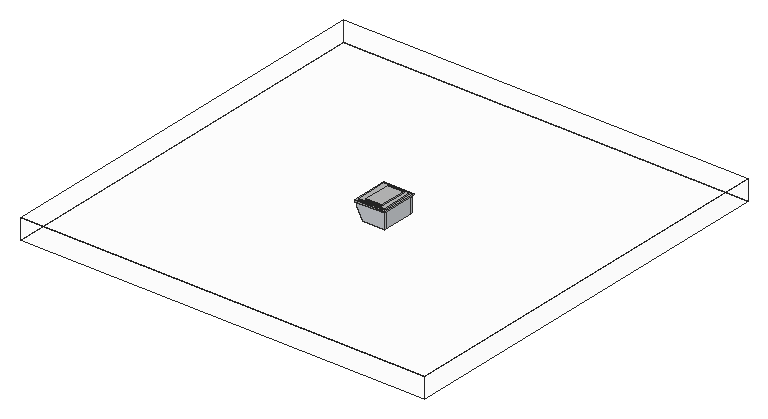
Revit family
Parameters (values of type "B26-3/4"")
  Weight Lbs = 13
  Waste Connection = no
  Wall Opening Width = 0' - 7 3/4"
  Wall Opening Length = 0' - 6 1/8"
  Vent Connection = no
  URL = "http://www.woodfordmfg.com/woodford/Wall_Hydrant_Pages/model-26.html"
  Polished Brass (PB) (Optional) = ""
  Outlet = "3/4\" Male Hose Thread"
  Model = "B26P-3/4"
  Max Temperature = "120º -F"
  Max Pressure = 125.00 psi
  Manufacturer = "Woodford Manufacturing Company"
  Inlets = "3/4\" Female Pipe Thread"
  HW Connection = yes
  GPM = "8 @ 100 psi"
  Double Check Backflow Preventor = "ASSE 1052"
  Default Elevation = 4' - 0"
  Clear Polycarbonate Handle Standard = ""
  Chrome (Standard) = ""
  Catalog Sheet = "http://www.woodfordmfg.com/woodford/Wall_Hyd_PDF/26CATALOG.pdf"
  CW Connection = yes
  Brass Box and Head Castings = ""
  Brass (BR) (Optional) = ""
  Box Flange Width = 0' - 8 3/4"
  Box Flange Length = 0' - 7 1/8"
  Box Depth = 0' - 3 1/2"
  Assembly Code = ""
Types (2): name | Model | Inlets
  B26-1/2 | "B26P-1/2" | "1/2\" Female Pipe Thread"
  B26-3/4" | "B26P-3/4" | "3/4\" Female Pipe Thread"
Reference planes (in)
  plane 1 "Center (Front/Back)": y = 0
  plane 2: z = 0
  plane 3 "Center (Left/Right)": x = 0
  plane 4 "Wall": z = -3.625
  plane 5 "Housing Base": z = -3.375
  plane 6 "Transition": z = -2.75
  plane 7 "Top Transition": z = -2.625
  plane 8: z = -2.125
  plane 9: through (0, -0.98619, 1.09153) normal (0, -0.7071, 0.7071)
  plane 10: through (0, -0.32645, 0.33706) normal (0, -0.7071, 0.7071)
  plane 11: through (0, -0.25863, 0.22187) normal (0, -0.7071, 0.7071)
  plane 12: through (0, 0.25901, -0.67471) normal (0, -0.7071, 0.7071)
  plane 13: through (0, 0.77665, -1.57128) normal (0, -0.7071, 0.7071)
  plane 14: through (0, 0.36191, 0.06334) normal (0, -0.7071, -0.7071)
  plane 15: through (0, -0.07893, -0.68539) normal (0, -0.7071, -0.7071)
  plane 16: through (0, -0.14676, -0.80058) normal (0, -0.7071, -0.7071)
  plane 17: through (0, -0.66439, -1.69716) normal (0, -0.7071, -0.7071)
  plane 18: z = 9
  plane 19: x = -2.68045
  plane 20: x = 2.68045
  plane 21: x = -5.65816
  plane 22: x = 5.65816
  plane 23: through (0, -1.21568, 1.22806) normal (0, -0.7071, 0.7071)
Forms (in)
  Extrusion 1, solid, material "Glass"
    sketch origin (0, 0, 0) x (1, 0, 0) y (0, 1, 0)
      loop
        line (-48, 48) -> (-48, -48) -> (48, -48) -> (48, 48) -> (-48, 48)
    from 0 to -4.92093
  Extrusion 2, solid, material "Chrome", detail levels fine
    sketch origin (0, 0, -3.625) x (-1, 0, 0) y (0, -1, 0)
      loop
        arc (-0.98921, -0.14648) -> (0, -1) -> (0.98921, -0.14648) r 1
        line (0.98921, -0.14648) -> (0.88936, -0.14648)
        arc (0.88936, -0.14648) -> (0.74288, 0) -> (0.88936, 0.14648) r 0.14648
        line (0.88936, 0.14648) -> (0.98921, 0.14648)
        arc (0.98921, 0.14648) -> (0, 1) -> (-0.98921, 0.14648) r 1
        line (-0.98921, 0.14648) -> (-0.88936, 0.14648)
        arc (-0.88936, 0.14648) -> (-0.74288, 0) -> (-0.88936, -0.14648) r 0.14648
        line (-0.88936, -0.14648) -> (-0.98921, -0.14648)
    from 0 to 0.25
  Extrusion 3, solid, material "Chrome", detail levels fine
    sketch origin (0, 0, -3.375) x (-1, 0, 0) y (0, -1, 0)
      loop
        arc (0.63103, 0.375) -> (0, 0.56056) -> (-0.63103, 0.375) r 1.16573
        line (-0.63103, 0.375) -> (-0.63103, 0) -> (-0.63103, -0.375)
        arc (-0.63103, -0.375) -> (0, -0.56056) -> (0.63103, -0.375) r 1.16573
        line (0.63103, -0.375) -> (0.63103, 0) -> (0.63103, 0.375)
    from 0 to 0.625
  Extrusion 4, solid, material "Chrome", detail levels fine
    sketch origin (0, 0, -2.75) x (-1, 0, 0) y (0, -1, 0)
      loop
        circle (0, 0) r 0.54943
    from 0 to 0.125
  Blend 5, solid, material "Chrome", detail levels fine
    base sketch origin (0, 0, -2.625) x (-1, 0, 0) y (0, -1, 0)
      loop
        circle (0, 0) r 0.54943
    top sketch origin (0, 0, -2.625) x (-1, 0, 0) y (0, -1, 0)
      loop
        circle (0, 0) r 0.36063
    from 0 to 0.5
  Sweep 6, solid, material "Chrome", detail levels fine
    path origin (0, 0.0175, -3.51772) x (0, 1, 0) y (0, 0, 1)
      loop
        line (0.08507, 1.0536) -> (0.79218, 1.76071)
    profile origin (0, 0.45613, -2.11057) x (0, -0.707107, 0.707107) y (1, 0, 0)
      loop
        circle (0, 0) r 0.4375
  Sweep 7, solid, material "Chrome", detail levels fine
    path origin (0, 0.0175, -3.51772) x (0, -1, 0) y (0, 0, -1)
      loop
        line (0.10287, -1.08442) -> (0.80997, -1.79153)
    profile origin (0, -0.43892, -2.07975) x (0, -0.707107, -0.707107) y (1, 0, 0)
      loop
        circle (0, 0) r 0.43677
  Sweep 8, solid, material "Chrome", detail levels fine
    path origin (0, 0.0175, -3.51772) x (0, 1, 0) y (0, 0, 1)
      loop
        line (-0.80997, 1.79153) -> (-1.51708, 2.49864)
    profile origin (0, -1.14603, -1.37264) x (0, -0.707107, -0.707107) y (1, 0, 0)
      loop
        circle (0, 0) r 0.625
  Sweep 9, solid, material "Chrome", detail levels fine
    path origin (0, 0.0175, -3.51772) x (0, 1, 0) y (0, 0, 1)
      loop
        line (-1.51708, 2.49864) -> (-1.60859, 2.59014)
    profile origin (0, -1.54533, -0.97333) x (0, -0.707107, -0.707107) y (1, 0, 0)
      loop
        circle (-0.02304, 0) r 0.375
  Sweep 10, solid, material "Chrome", detail levels fine
    path origin (0, 0.0175, -3.51772) x (0, 1, 0) y (0, 0, 1)
      loop
        line (-1.60859, 2.59014) -> (-2.31569, 3.29725)
    profile origin (0, -1.94464, -0.57403) x (0, -0.707107, -0.707107) y (1, 0, 0)
      loop
        circle (0, 0) r 0.625
  Sweep 11, solid, detail levels fine
    path origin (0, 0.0175, -3.51772) x (0, 1, 0) y (0, 0, 1)
      loop
        line (0.79218, 1.76071) -> (0.88369, 1.85221)
    profile origin (0, 0.85543, -1.71126) x (0, -0.707107, 0.707107) y (1, 0, 0)
      loop
        circle (0, 0) r 0.25
  Sweep 12, solid, material "Chrome", detail levels fine
    path origin (0, 0.0175, -3.51772) x (0, 1, 0) y (0, 0, 1)
      loop
        line (0.88369, 1.85221) -> (1.47848, 2.447)
    profile origin (0, 1.19858, -1.36812) x (0, -0.707107, 0.707107) y (1, 0, 0)
      loop
        circle (0, 0) r 0.75
  Sweep 13, solid, material "Chrome", detail levels fine
    path origin (0, -0.68961, -2.81062) x (0, 1, 0) y (0, 0, 1)
      loop
        line (-1.60859, 2.59014) -> (-1.7916, 2.77316)
    profile origin (0, -2.3897, -0.12897) x (0, -0.707107, -0.707107) y (1, 0, 0)
      loop
        circle (0, 0) r 0.5
Lines and regions (in)
  reference lines
    curve 1: line (0, 0.10257, -2.46412) -> (0, 2.04712, -0.51958)
    curve 2: line (0, -0.08537, -2.4333) -> (0, -3.1889, 0.67023)
  model lines, detail levels coarse+medium
    curve 3: line (0, 0, 0) -> (0, 0, 9)
    curve 4: line (-2.68045, 0, 7) -> (0, 0, 7)
    curve 5: line (2.68045, 0, 7) -> (0, 0, 7)
    curve 6: line (-5.65816, 0, 0) -> (0, 0, 0)
    curve 7: line (-5.65816, 0, -2.75) -> (-5.65816, 0, 0)
    curve 8: line (0, 0, -2.75) -> (-5.65816, 0, -2.75)
    curve 9: line (5.65816, 0, 0) -> (0, 0, 0)
    curve 10: line (5.65816, 0, -2.75) -> (5.65816, 0, 0)
    curve 11: line (0, 0, -2.75) -> (5.65816, 0, -2.75)
Dimensions and locks (in)
  Extrusion 1 to plane 4 "Wall" = 0' - 3 5/8"
  equal spacing: plane 19, plane 3 "Center (Left/Right)", plane 20
  plane 19 to plane 20 = 0' - 5.36091"
  plane 18 to level = 0' - 9"
  curve 4 to level = 0' - 7"
  curve 5 to level = 0' - 7"
  locked: plane 6 "Transition" to plane 5 "Housing Base" at 0.625
  locked: plane 7 "Top Transition" to plane 6 "Transition" at 0.125
  locked: plane 8 to plane 7 "Top Transition" at 0.5
  locked: plane 5 "Housing Base" to plane 4 "Wall" at 0.25
  equal spacing: plane 22, plane 3 "Center (Left/Right)", plane 21
  plane 22 to plane 21 = 0' - 11.31632"
  plane 9 to plane 10 = 0' - 1"
  locked: plane 10 to plane 11 at 0.12941
  locked: plane 11 to plane 12 at 1
  locked: plane 12 to plane 13 at 1
  locked: plane 15 to plane 14 at 0.84116
  locked: plane 16 to plane 15 at 0.12941
  plane 17 to plane 16 = 0' - 1"
  locked: plane 23 to plane 9 at 0.25882
  angle Extrusion 1 to curve 2 = 45.00°
  angle curve 1 to Extrusion 1 = 45.00°
  aligned and locked: plane 2 to Extrusion 1
  aligned and locked: level to Extrusion 1
  aligned and locked: plane 5 "Housing Base" to Extrusion 2
  aligned and locked: plane 6 "Transition" to Extrusion 3
  aligned and locked: plane 7 "Top Transition" to Extrusion 4
  aligned and locked: plane 8 to Blend 5
  aligned and locked: curve 1 to Sweep 12 sketch curve
  aligned and locked: curve 1 to Sweep 11 sketch curve
  aligned and locked: Sweep 6 sketch curve to curve 1
  aligned and locked: curve 2 to Sweep 10 sketch curve
  aligned and locked: curve 2 to Sweep 9 sketch curve
  aligned and locked: curve 2 to Sweep 8 sketch curve
  aligned and locked: Sweep 7 sketch curve to curve 2
  aligned and locked: plane 9 to Sweep 10 sketch curve
  aligned and locked: plane 10 to Sweep 10 sketch curve
  aligned and locked: plane 10 to Sweep 9 sketch curve
  aligned and locked: plane 11 to Sweep 9 sketch curve
  aligned and locked: plane 11 to Sweep 8 sketch curve
  aligned and locked: plane 12 to Sweep 8 sketch curve
  aligned and locked: plane 12 to Sweep 7 sketch curve
  aligned and locked: plane 13 to Sweep 7 sketch curve
  aligned and locked: plane 21 to curve 7
  aligned and locked: plane 22 to curve 10
  aligned and locked: plane 23 to Sweep 13 sketch curve
  aligned and locked: plane 9 to Sweep 13 sketch curve
  aligned and locked: curve 2 to Sweep 13 sketch curve
Automatic sketch dimensions
  plane 19 to curve 4 = 0' - 0"
  curve 5 to plane 3 "Center (Left/Right)" = 0' - 0"
  curve 11 to plane 3 "Center (Left/Right)" = 0' - 0"
  plane 20 to curve 5 = 0' - 0"
  curve 11 to plane 6 "Transition" = 0' - 0"
  curve 6 to level = 0' - 0"
  curve 3 to plane 18 = 0' - 0"
  Extrusion 1 sketch curve to Extrusion 1 sketch curve = 8' - 0"  (x2)
  Extrusion 2 sketch curve to Extrusion 2 sketch curve = 0' - 0"  (x2)
  plane 1 "Center (Front/Back)" to Extrusion 2 sketch curve = 0' - 0"  (x3)
  Extrusion 2 sketch curve to plane 3 "Center (Left/Right)" = 0' - 0"
  Extrusion 2 sketch curve to plane 1 "Center (Front/Back)" = 0' - 0.14648"
  plane 3 "Center (Left/Right)" to Extrusion 2 sketch curve = 0' - 0.88936"
  Extrusion 2 sketch curve to Extrusion 2 sketch curve = 0' - 0.09986"  (x3)
  plane 1 "Center (Front/Back)" to Extrusion 2 sketch curve = 0' - 0.14648"
  plane 1 "Center (Front/Back)" to Extrusion 3 sketch curve = 0' - 0"  (x2)
  Extrusion 3 sketch curve to plane 3 "Center (Left/Right)" = 0' - 0"  (x2)
  plane 1 "Center (Front/Back)" to Extrusion 3 sketch curve = 0' - 0 3/8"
  plane 3 "Center (Left/Right)" to Extrusion 3 sketch curve = 0' - 0.63103"
  Extrusion 3 sketch curve to plane 3 "Center (Left/Right)" = 0' - 0.63103"
  Extrusion 3 sketch curve to plane 1 "Center (Front/Back)" = 0' - 0 3/8"
  Extrusion 3 sketch curve to plane 1 "Center (Front/Back)" = 0' - 0.60517"
  plane 1 "Center (Front/Back)" to Extrusion 3 sketch curve = 0' - 0.60517"
  plane 1 "Center (Front/Back)" to Extrusion 4 sketch curve = 0' - 0"
  Extrusion 4 sketch curve to plane 3 "Center (Left/Right)" = 0' - 0"
  plane 1 "Center (Front/Back)" to Blend 5 sketch curve = 0' - 0"  (x2)
  Blend 5 sketch curve to plane 3 "Center (Left/Right)" = 0' - 0"  (x2)
  plane 17 to Sweep 6 sketch curve = 0' - 0"
  plane 16 to Sweep 6 sketch curve = 0' - 0"
  Sweep 6 sketch curve to profile plane = 0' - 0"  (x2)
  Sweep 7 sketch curve to profile plane = 0' - 0"  (x2)
  Sweep 8 sketch curve to profile plane = 0' - 0"  (x2)
  Sweep 9 sketch curve to profile plane = 0' - 0"
  profile plane to Sweep 9 sketch curve = 0' - 0.02304"
  Sweep 10 sketch curve to profile plane = 0' - 0"  (x2)
  plane 16 to Sweep 11 sketch curve = 0' - 0"
  plane 15 to Sweep 11 sketch curve = 0' - 0"
  Sweep 11 sketch curve to profile plane = 0' - 0"  (x2)
  plane 15 to Sweep 12 sketch curve = 0' - 0"
  plane 14 to Sweep 12 sketch curve = 0' - 0"
  Sweep 12 sketch curve to profile plane = 0' - 0"  (x2)
  Sweep 13 sketch curve to profile plane = 0' - 0"  (x2)
  curve 2 to plane 13 = 0' - 0"
  plane 17 to curve 1 = 0' - 0"
  level to curve 2 = 0' - 0.67023"
  curve 1 to plane 1 "Center (Front/Back)" = 0' - 0.10257"
  radius of Extrusion 4 sketch curve = 0' - 0.54943"
  radius of Blend 5 sketch curve = 0' - 0.54943"
  radius of Blend 5 sketch curve = 0' - 0.36063"
  radius of Sweep 6 sketch curve = 0' - 0 7/16"
  radius of Sweep 7 sketch curve = 0' - 0.43677"
  radius of Sweep 8 sketch curve = 0' - 0 5/8"
  radius of Sweep 9 sketch curve = 0' - 0 3/8"
  radius of Sweep 10 sketch curve = 0' - 0 5/8"
  radius of Sweep 11 sketch curve = 0' - 0 1/4"
  radius of Sweep 12 sketch curve = 0' - 0 3/4"
  radius of Sweep 13 sketch curve = 0' - 0 1/2"
Nested families (in)
  nested 1: "B24 Housing Assembly" at (0, 0, 0), type "B24 Housing Assembly", detail levels fine
    with Cover yes
Connectors (in)
  piping at (0, 0, -3.625)
    settings: on Extrusion 2, index 1, connector radius 3/8", flow factor 0, pipe flow 8 GPM, pressure drop 100.00 psi, fitting loss kfactor 0, connector angle 0.00°, fixture units 0, flow configuration 1, flow direction 1, fitting loss method 4, system type 20, connector reference index -1, connector utility 0, adjustable connector no, is connector primary yes, fitting loss table "", connector description ""
Definition of nested family "B24 Housing Assembly"
  Parameters (values of type "B24 Housing Assembly")
    Width = 0' - 7 1/8"
    Length = 0' - 6 5/8"
    Hieght = 0' - 8 3/4"
    Cover Material = Chrome
    Cover [instance] = yes
    Assembly Code = ""
  Reference planes (in)
    plane 1 "Center (Front/Back)": y = 0
    plane 2: z = 0
    plane 3 "Center (Left/Right)": x = 0
    plane 4: z = 0.25
    plane 5: x = -3.5625
    plane 6: x = 3.5625
    plane 7: y = 4.375
    plane 8: y = -4.375
    plane 9: x = -3.0625
    plane 10: x = 3.0625
    plane 11: y = -3.875
    plane 12: y = 3.875
    plane 13: x = -3.3125
    plane 14: x = 3.3125
    plane 15: y = 4.125
    plane 16: y = -4.125
    plane 17 "Left": y = 3.75
    plane 18 "Right": y = -3.75
    plane 19: z = 0.5
  Forms (in)
    Extrusion 1, solid, material "Chrome" <- "Cover Material"
      sketch origin (16.24753, -0.2836, 0) x (1, 0, 0) y (0, 1, 0)
        loop
          line (-19.81003, -4.0914) -> (-12.68503, -4.0914) -> (-12.68503, 4.6586) -> (-19.81003, 4.6586) -> (-19.81003, -4.0914)
      from 0 to 0.25
    Extrusion 2, solid
      sketch origin (0, 0, 0) x (1, 0, 0) y (0, 0, 1)
        loop
          line (-3.3125, 0) -> (-3.3125, -1.0625) -> (-1.8125, -3.75) -> (3.3125, -3.75) -> (3.3125, 0) -> (3.0625, 0) -> (3.0625, -3.5) -> (-1.66573, -3.5) -> (-3.0625, -0.99746) -> (-3.0625, 0) -> (-3.3125, 0)
      from -3.75 to 3.75
    Extrusion 3, solid
      sketch origin (0, 3.75, 0) x (-1, 0, 0) y (0, 0, 1)
        loop
          line (3.3125, 0) -> (-3.3125, 0) -> (-3.3125, -3.75) -> (1.8125, -3.75) -> (1.8504, -3.68209) -> (3.3125, -1.0625) -> (3.3125, 0)
      from 0 to 0.25
    Extrusion 4, solid
      sketch origin (0, -3.75, 0) x (1, 0, 0) y (0, 0, 1)
        loop
          line (-3.3125, 0) -> (-3.3125, -1.0625) -> (-1.8504, -3.68209) -> (-1.8125, -3.75) -> (3.3125, -3.75) -> (3.3125, 0) -> (-3.3125, 0)
      from 0 to 0.25
    Extrusion 5, solid, material "Chrome" <- "Cover Material"
      sketch origin (16.18503, 0.3414, 0.25) x (1, 0, 0) y (0, 1, 0)
        loop
          line (-19.31003, -4.0914) -> (-13.18503, -4.0914) -> (-13.18503, 3.4086) -> (-19.31003, 3.4086) -> (-19.31003, -4.0914)
      from 0 to 0.25
    Extrusion 6, solid, material "Chrome" <- "Cover Material"
      sketch origin (-9.71567, -179.82539, 0.21064) x (-1, 0, 0) y (0, -1, 0)
        loop
          line (-7.95794, -176.55917) -> (-11.71567, -176.55917) -> (-11.71567, -183.07539) -> (-7.95794, -183.07539) -> (-7.95794, -176.55917)
      from 0.28936 to 0.49205
  Dimensions and locks (in)
    equal spacing: plane 5, plane 3 "Center (Left/Right)", plane 6
    "Width": plane 5 to plane 6
    equal spacing: plane 7, plane 1 "Center (Front/Back)", plane 8
    "Hieght": plane 7 to plane 8
    locked: plane 5 to plane 13 at 0.25
    locked: plane 14 to plane 6 at 0.25
    locked: plane 7 to plane 15 at 0.25
    locked: plane 16 to plane 8 at 0.25
    locked: plane 13 to plane 9 at 0.25
    locked: plane 10 to plane 14 at 0.25
    locked: plane 15 to plane 12 at 0.25
    locked: plane 16 to plane 11 at 0.25
    aligned and locked: plane 2 to level
    aligned and locked: plane 4 to Extrusion 1
    aligned: plane 9 to Extrusion 1
    aligned: plane 10 to Extrusion 1
    aligned: plane 12 to Extrusion 1
    aligned: plane 11 to Extrusion 1
    aligned and locked: Extrusion 1 sketch curve to plane 5
    aligned and locked: plane 7 to Extrusion 1 sketch curve
    aligned and locked: plane 6 to Extrusion 1 sketch curve
    aligned and locked: Extrusion 1 sketch curve to plane 8
    aligned and locked: plane 17 "Left" to Extrusion 2
    aligned and locked: plane 18 "Right" to Extrusion 2
  Automatic sketch dimensions
    Extrusion 2 sketch curve to level = 0' - 0"  (x2)
    Extrusion 2 sketch curve to plane 13 = 0' - 0"
    Extrusion 2 sketch curve to plane 9 = 0' - 0"
    plane 10 to Extrusion 2 sketch curve = 0' - 0"
    plane 14 to Extrusion 2 sketch curve = 0' - 0"
    plane 9 to Extrusion 2 sketch curve = 0' - 1 1/4"
    Extrusion 2 sketch curve to Extrusion 2 sketch curve = 0' - 0.14677"
    Extrusion 2 sketch curve to level = 0' - 0.99746"
    Extrusion 2 sketch curve to Extrusion 2 sketch curve = 0' - 0.06504"
    Extrusion 2 sketch curve to Extrusion 2 sketch curve = 0' - 3 1/2"
    Extrusion 2 sketch curve to Extrusion 2 sketch curve = 0' - 0 1/4"
    Extrusion 3 sketch curve to level = 0' - 0"
    plane 14 to Extrusion 3 sketch curve = 0' - 0"
    Extrusion 3 sketch curve to plane 13 = 0' - 0"
    plane 9 to Extrusion 3 sketch curve = 0' - 1 1/4"
    Extrusion 3 sketch curve to Extrusion 3 sketch curve = 0' - 0.0379"
    Extrusion 3 sketch curve to level = 0' - 1 1/16"
    Extrusion 3 sketch curve to Extrusion 3 sketch curve = 0' - 2.61959"
    Extrusion 3 sketch curve to level = 0' - 3 3/4"
    Extrusion 4 sketch curve to level = 0' - 0"
    Extrusion 4 sketch curve to plane 13 = 0' - 0"
    plane 14 to Extrusion 4 sketch curve = 0' - 0"
    plane 9 to Extrusion 4 sketch curve = 0' - 1.2121"
    Extrusion 4 sketch curve to Extrusion 4 sketch curve = 0' - 0.0379"
    Extrusion 4 sketch curve to level = 0' - 1 1/16"
    Extrusion 4 sketch curve to Extrusion 4 sketch curve = 0' - 2.61959"
    Extrusion 4 sketch curve to level = 0' - 3 3/4"
    Extrusion 5 sketch curve to plane 7 = 0' - 0 5/8"
    Extrusion 5 sketch curve to plane 9 = 0' - 0 1/16"
    plane 10 to Extrusion 5 sketch curve = 0' - 0 1/16"
    plane 8 to Extrusion 5 sketch curve = 0' - 0 5/8"
    Extrusion 6 sketch curve to plane 11 = 0' - 0.60878"
    Extrusion 6 sketch curve to plane 12 = 0' - 0 5/8"
    plane 10 to Extrusion 6 sketch curve = 0' - 1 1/16"
    plane 9 to Extrusion 6 sketch curve = 0' - 1.30477"
